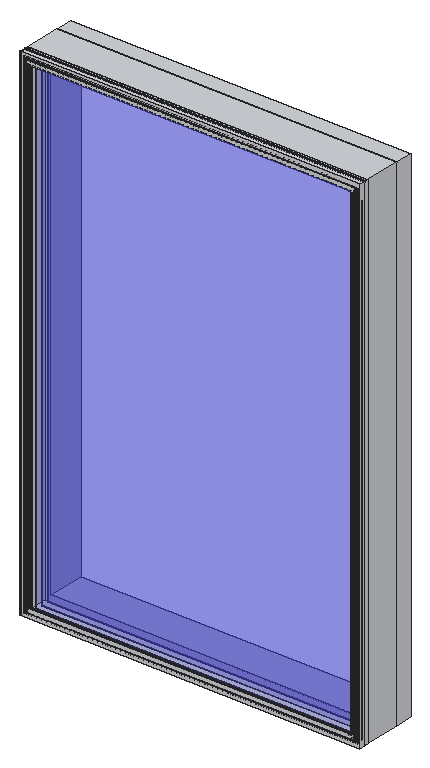
Revit family "KRONE-View-1-felt-fast-karm", category Windows, host Wall, Revit 2019
Family settings
  Host = Wall
  OmniClass Number = 23.30.20.00
  OmniClass Title = Windows
  Always vertical = Yes
  Cut with Voids When Loaded = No
  Shared = No
  Room Calculation Point = No
Parameters (values of type "KRONE VIEW FAST KARM")
  URL = "https://www.kronevinduer.dk/se-produkter/krone-view/?p=ark"
  Type Image = <None>
  Model = "KRONE VIEW FAST KARM"
  Manufacturer = "KRONE VINDUER A/S"
  Indvendig Karm = none
  Height = 1500 mm
  Glasliste alu = none
  Default Sill Height = 800 mm
  Wall Closure = By host
  Width = 1000 mm
  Alu (snøvs) = none
Reference planes
  plane 1 "Center (Front/Back)": y = 0
  plane 2 "Center (Left/Right)": x = 0
  plane 3 "Left": x = -500
  plane 4 "Right": x = 500
  plane 5 "Sill": z = 800
  plane 6 "Head": z = 2300
  plane 7 "Exterior": y = 100
  plane 8 "Interior": y = -100
Forms (mm)
  Sweep 1, solid, material <- "Alu (snøvs)"
    path origin (-4986.6, -100, 12) x (1, 0, 0) y (0, 0, 1)
      loop
        line (4474.6, 2300) -> (4474.6, 774.58) -> (5500.02, 774.58) -> (5500.02, 2300) -> (4474.6, 2300)
    profile origin (0.71, -100, 2312) x (0, 0, 1) y (0, -1, 0)
      loop
        line (0, -1.941) -> (0, 14.84) -> (-12, 14.84) -> (-12, -1.941) -> (-7.184, -1.941) -> (-7.184, -3.988) -> (-12, -3.988) -> (-12, -13.239) -> (-10.6, -13.239) -> (-10.197, -12.482) -> (-10.762, -11.917) -> (-10.762, -7.216) -> (-10.233, -6.46) -> (-1.68, -6.46) -> (-1.238, -7.226) -> (-1.238, -12.111) -> (-1.8, -12.781) -> (-1.115, -13.26) -> (0, -13.26) -> (0, -3.96) -> (-4.8, -3.96) -> (-4.8, -1.941) -> (0, -1.941)
      loop
        line (-1.2, -0.56) -> (-1.2, 5.54) -> (-10.762, 5.54) -> (-10.762, -0.56) -> (-1.2, -0.56)
      loop
        line (-1.2, 7.54) -> (-1.2, 13.641) -> (-10.762, 13.641) -> (-10.762, 7.54) -> (-1.2, 7.54)
  Sweep 2, solid
    path origin (-5000, -100, 0) x (1, 0, 0) y (0, 0, 1)
      loop
        line (4501.4, 2298.6) -> (4501.4, 799.98) -> (5500.02, 799.98) -> (5500.02, 2298.6) -> (4501.4, 2298.6)
    profile origin (0.71, -100, 2298.6) x (0, 0, 1) y (0, -1, 0)
      loop
        line (13.4, -123.606) -> (13.4, -13.06) -> (1.4, -13.06) -> (1.4, -123.606) -> (13.4, -123.606)
  Sweep 3, solid, material <- "Indvendig Karm"
    path origin (-4998.798, 0, 0) x (-1, 0, 0) y (0, 0, 1)
      loop
        line (-4500.198, 2299.802) -> (-5500.02, 2299.802) -> (-5500.02, 799.98) -> (-4500.198, 799.98) -> (-4500.198, 2299.802)
    profile origin (1.311, 0, 2299.802) x (0, 0, -1) y (0, 1, 0)
      loop
        line (17.802, 75.862) -> (-12.198, 75.862) -> (-12.198, 23.906) -> (-0.198, 23.906) -> (-0.198, -38.138) -> (17.802, -38.138) -> (17.802, 75.862)
  Sweep 4, solid, material <- "Glasliste alu"
    path origin (-5000, 0, 0) x (-1, 0, 0) y (0, 0, 1)
      loop
        line (-4488, 2312) -> (-5513.42, 2312) -> (-5513.42, 786.58) -> (-4488, 786.58) -> (-4488, 2312)
    profile origin (0.71, 0, 2312) x (0, 0, -1) y (0, 1, 0)
      loop
        arc (7.999, -111.104) -> (7.623, -111.176) -> (7.408, -111.492) r 0.5
        line (7.408, -111.492) -> (7.988, -112.073) -> (10.463, -113.047) -> (11.03, -112.48) -> (12.071, -112.819) -> (12.071, -113.84) -> (13.498, -113.84) -> (14.498, -114.84) -> (26.615, -114.84) -> (27.342, -114.469) -> (28.481, -110.219)
        arc (28.481, -110.219) -> (28.395, -109.785) -> (27.998, -109.59) r 0.5
        line (27.998, -109.59) -> (25.998, -109.59)
        arc (25.998, -109.59) -> (25.645, -109.736) -> (25.498, -110.09) r 0.5
        line (25.498, -110.09) -> (25.856, -110.791) -> (26.674, -111.167) -> (26.191, -112.969) -> (25.464, -113.34) -> (21.498, -113.34)
        arc (21.498, -113.34) -> (21.145, -113.193) -> (20.998, -112.84) r 0.5
        line (20.998, -112.84) -> (20.998, -111.09) -> (21.998, -110.09)
        arc (21.998, -110.09) -> (21.852, -109.736) -> (21.498, -109.59) r 0.5
        line (21.498, -109.59) -> (19.998, -109.59)
        arc (19.998, -109.59) -> (19.645, -109.736) -> (19.498, -110.09) r 0.5
        line (19.498, -110.09) -> (19.498, -113.34) -> (16.464, -113.34)
        arc (16.464, -113.34) -> (16.004, -112.659) -> (15.255, -112.323) r 1.5
        line (15.255, -112.323) -> (13.531, -112.074) -> (7.999, -111.104)
  Extrusion 5, solid, material "Glass"
    sketch origin (-5000, 0, 0) x (1, 0, 0) y (0, 0, 1)
      loop
        line (4516.482, 2283.526) -> (4516.482, 800) -> (5484.919, 800) -> (5484.919, 2283.526) -> (4516.482, 2283.526)
    from 42.914 to 46.914
  Extrusion 6, solid, material "Glass"
    sketch origin (-5000, 0, 0) x (1, 0, 0) y (0, 0, 1)
      loop
        line (4516.482, 2295.118) -> (4516.482, 800) -> (5484.919, 800) -> (5484.919, 2295.118) -> (4516.482, 2295.118)
    from 64.914 to 68.914
  Extrusion 7, solid, material "Glass"
    sketch origin (-5000, 0, 0) x (1, 0, 0) y (0, 0, 1)
      loop
        line (4515.342, 2295.118) -> (4515.342, 800) -> (5486.078, 800) -> (5486.078, 2295.118) -> (4515.342, 2295.118)
    from 86.914 to 91.011
Lines and regions (mm)
  Opening 1
    outline origin (3500, -100, 0) x (1, 0, 0) y (0, 0, 1)
      loop
        line (-2998.58, 798.58) -> (-2998.58, 2300) -> (-4000, 2300) -> (-4000, 798.58) -> (-2998.58, 798.58)
Text (mm)
  text "EXTERIOR" at (-1963.203, 1332.353, 0), in view "Ref. Level"
  text "INTERIOR" at (-1981.466, -818.386, 0), in view "Ref. Level"
  text "Exterior" at (0, 923.751, 2943.296), in view "Right"
  text "Exterior" at (0, 1040.484, 2685.409), in view "Left"
Dimensions and locks
  equal spacing: plane 3 "Left", plane 2 "Center (Left/Right)", plane 4 "Right"
  "Width": plane 3 "Left" to plane 4 "Right"
  "Height": plane 5 "Sill" to plane 6 "Head"
  "Default Sill Height": plane 5 "Sill" to level
  locked: plane 7 "Exterior" to host wall at 0
  locked: plane 8 "Interior" to host wall
  Extrusion 6 to Extrusion 7 = 1495.118 mm
Automatic sketch dimensions
  plane 5 "Sill" to Sweep 2 sketch curve = 0.02 mm
  Sweep 2 sketch curve to plane 3 "Left" = 1.4 mm
  Sweep 2 sketch curve to plane 4 "Right" = 0.02 mm
  plane 6 "Head" to Sweep 2 sketch curve = 1.4 mm
  Sweep 2 sketch curve to profile plane = 1.4 mm
  Sweep 2 sketch curve to Sweep 2 sketch curve = 12 mm
  Sweep 2 sketch curve to profile plane = 123.606 mm
  Sweep 2 sketch curve to profile plane = 13.06 mm
  Sweep 3 sketch curve to plane 4 "Right" = 1.222 mm
  plane 5 "Sill" to Sweep 3 sketch curve = 0.02 mm
  Sweep 3 sketch curve to plane 3 "Left" = 1.4 mm
  plane 6 "Head" to Sweep 3 sketch curve = 0.198 mm
  profile plane to Sweep 3 sketch curve = 12.198 mm
  profile plane to Sweep 3 sketch curve = 0.198 mm
  Sweep 3 sketch curve to profile plane = 17.802 mm
  profile plane to Sweep 3 sketch curve = 23.906 mm
  Sweep 3 sketch curve to Sweep 3 sketch curve = 51.956 mm
  Sweep 3 sketch curve to profile plane = 38.138 mm
  profile plane to Sweep 1 sketch curve = 0 mm  (x2)
  Sweep 1 sketch curve to Sweep 1 sketch curve = 1.115 mm
  profile plane to Sweep 1 sketch curve = 1.2 mm  (x2)
  Sweep 1 sketch curve to Sweep 1 sketch curve = 0.123 mm
  Sweep 1 sketch curve to Sweep 1 sketch curve = 0.442 mm
  Sweep 1 sketch curve to Sweep 1 sketch curve = 0.685 mm
  Sweep 1 sketch curve to Sweep 1 sketch curve = 3.12 mm
  Sweep 1 sketch curve to Sweep 1 sketch curve = 2.384 mm
  Sweep 1 sketch curve to Sweep 1 sketch curve = 8.398 mm
  Sweep 1 sketch curve to Sweep 1 sketch curve = 3.049 mm
  Sweep 1 sketch curve to Sweep 1 sketch curve = 0.403 mm
  Sweep 1 sketch curve to Sweep 1 sketch curve = 0.529 mm
  Sweep 1 sketch curve to Sweep 1 sketch curve = 9.562 mm
  Sweep 1 sketch curve to Sweep 1 sketch curve = 0 mm  (x2)
  Sweep 1 sketch curve to Sweep 1 sketch curve = 1.238 mm
  Sweep 1 sketch curve to profile plane = 13.26 mm
  Sweep 1 sketch curve to Sweep 1 sketch curve = 0.021 mm
  Sweep 1 sketch curve to Sweep 1 sketch curve = 0.479 mm
  Sweep 1 sketch curve to Sweep 1 sketch curve = 0.757 mm
  Sweep 1 sketch curve to Sweep 1 sketch curve = 0.67 mm
  Sweep 1 sketch curve to Sweep 1 sketch curve = 0.565 mm
  Sweep 1 sketch curve to Sweep 1 sketch curve = 4.885 mm
  Sweep 1 sketch curve to Sweep 1 sketch curve = 4.701 mm
  Sweep 1 sketch curve to Sweep 1 sketch curve = 0.756 mm
  Sweep 1 sketch curve to Sweep 1 sketch curve = 2.473 mm
  Sweep 1 sketch curve to Sweep 1 sketch curve = 2.5 mm
  Sweep 1 sketch curve to profile plane = 1.941 mm  (x2)
  Sweep 1 sketch curve to profile plane = 0.56 mm
  profile plane to Sweep 1 sketch curve = 5.54 mm
  Sweep 1 sketch curve to Sweep 1 sketch curve = 2 mm
  Sweep 1 sketch curve to Sweep 1 sketch curve = 6.1 mm
  Sweep 1 sketch curve to Sweep 1 sketch curve = 1.199 mm
  plane 3 "Left" to Sweep 1 sketch curve = 12 mm
  Sweep 1 sketch curve to plane 4 "Right" = 13.42 mm
  plane 5 "Sill" to Sweep 1 sketch curve = 13.42 mm
  Sweep 1 sketch curve to plane 6 "Head" = 12 mm
  plane 3 "Left" to Opening 1 sketch curve = 0 mm
  Opening 1 sketch curve to plane 6 "Head" = 0 mm
  Opening 1 sketch curve to plane 4 "Right" = 1.42 mm
  plane 5 "Sill" to Opening 1 sketch curve = 1.42 mm
  Sweep 4 sketch curve to plane 4 "Right" = 13.42 mm
  plane 3 "Left" to Sweep 4 sketch curve = 12 mm
  plane 5 "Sill" to Sweep 4 sketch curve = 13.42 mm
  Sweep 4 sketch curve to plane 6 "Head" = 12 mm
  Sweep 4 sketch curve to profile plane = 7.897 mm
  Sweep 4 sketch curve to Sweep 4 sketch curve = 0.102 mm
  Sweep 4 sketch curve to Sweep 4 sketch curve = 2.566 mm
  Sweep 4 sketch curve to Sweep 4 sketch curve = 0.567 mm  (x2)
  Sweep 4 sketch curve to Sweep 4 sketch curve = 1.042 mm
  Sweep 4 sketch curve to Sweep 4 sketch curve = 1.427 mm
  Sweep 4 sketch curve to Sweep 4 sketch curve = 1.46 mm
  Sweep 4 sketch curve to Sweep 4 sketch curve = 1 mm  (x4)
  Sweep 4 sketch curve to Sweep 4 sketch curve = 0.541 mm
  Sweep 4 sketch curve to Sweep 4 sketch curve = 0.215 mm
  Sweep 4 sketch curve to Sweep 4 sketch curve = 1.425 mm
  Sweep 4 sketch curve to Sweep 4 sketch curve = 3.034 mm
  Sweep 4 sketch curve to Sweep 4 sketch curve = 0.5 mm  (x5)
  Sweep 4 sketch curve to Sweep 4 sketch curve = 3.966 mm
  Sweep 4 sketch curve to Sweep 4 sketch curve = 0.034 mm
  Sweep 4 sketch curve to Sweep 4 sketch curve = 0.357 mm
  Sweep 4 sketch curve to Sweep 4 sketch curve = 0.727 mm  (x2)
  Sweep 4 sketch curve to Sweep 4 sketch curve = 1.151 mm
  Sweep 4 sketch curve to Sweep 4 sketch curve = 0.819 mm
  Sweep 4 sketch curve to Sweep 4 sketch curve = 1.324 mm
  Sweep 4 sketch curve to Sweep 4 sketch curve = 0.483 mm
  Sweep 4 sketch curve to profile plane = 114.84 mm
  Sweep 4 sketch curve to Sweep 4 sketch curve = 0.371 mm  (x2)
  Sweep 4 sketch curve to Sweep 4 sketch curve = 1.032 mm
  Sweep 4 sketch curve to Sweep 4 sketch curve = 0.468 mm
  Sweep 4 sketch curve to Sweep 4 sketch curve = 1.5 mm
  Sweep 4 sketch curve to Sweep 4 sketch curve = 0.793 mm
  Sweep 4 sketch curve to Sweep 4 sketch curve = 1.021 mm
  Sweep 4 sketch curve to Sweep 4 sketch curve = 0.745 mm
  Sweep 4 sketch curve to Sweep 4 sketch curve = 1.453 mm
  Sweep 4 sketch curve to Sweep 4 sketch curve = 1.802 mm
  Sweep 4 sketch curve to Sweep 4 sketch curve = 0.49 mm  (x2)
  Sweep 4 sketch curve to Sweep 4 sketch curve = 1.75 mm
  Sweep 4 sketch curve to Sweep 4 sketch curve = 0.376 mm
  Sweep 4 sketch curve to Sweep 4 sketch curve = 0.948 mm
  Sweep 4 sketch curve to Sweep 4 sketch curve = 0.701 mm
  Sweep 4 sketch curve to Sweep 4 sketch curve = 0.091 mm
  Sweep 4 sketch curve to Sweep 4 sketch curve = 0.479 mm
  Extrusion 5 sketch curve to plane 3 "Left" = 16.482 mm
  plane 4 "Right" to Extrusion 5 sketch curve = 15.081 mm
  Extrusion 5 sketch curve to plane 5 "Sill" = 0 mm
  plane 6 "Head" to Extrusion 5 sketch curve = 16.474 mm
  Extrusion 6 sketch curve to plane 3 "Left" = 16.482 mm
  plane 4 "Right" to Extrusion 6 sketch curve = 15.081 mm
  Extrusion 6 sketch curve to plane 5 "Sill" = 0 mm
  plane 6 "Head" to Extrusion 6 sketch curve = 4.882 mm
  Extrusion 7 sketch curve to plane 3 "Left" = 15.342 mm
  plane 4 "Right" to Extrusion 7 sketch curve = 13.922 mm
  Extrusion 7 sketch curve to plane 5 "Sill" = 0 mm
  plane 6 "Head" to Extrusion 7 sketch curve = 4.882 mm
